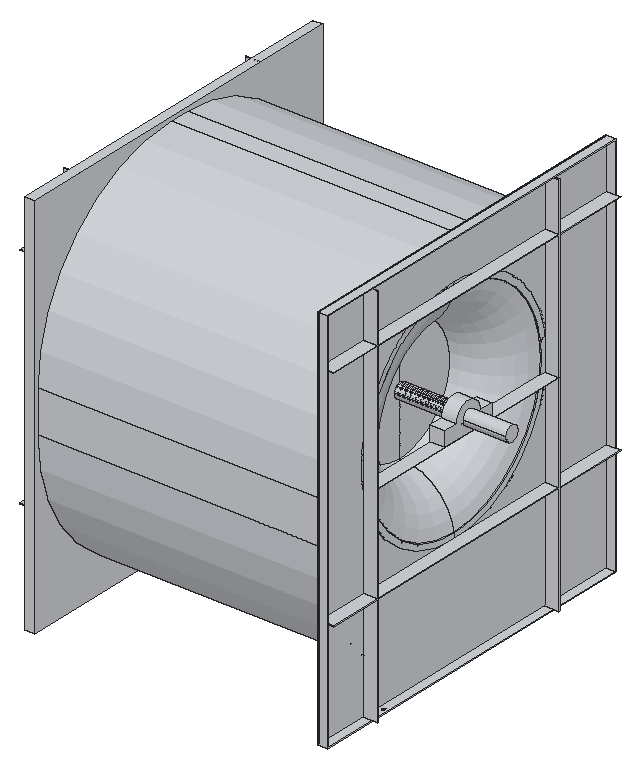
Revit family "CA-4_DWDI_ARR_3_CCW_BHD", category Mechanical Equipment, Revit 2019
Family settings
  Round Connector Dimension = Use Radius
  Part Type = Normal
  Work Plane-Based = No
  Always vertical = Yes
  Cut with Voids When Loaded = No
  Shared = No
  Room Calculation Point = No
Parameters (values of type "600_CA-4_DWDI_ARR_3_CCW_BHD_CLASS_3")
  T/2 = T / 2  # 17/32"
  T = 1 1/16"
  S = 32"
  P/2 = P / 2  # 44 7/8"
  P = 89 3/4"
  O = 44 7/8"
  N/2 = N / 2  # 2 7/32"
  N*2 = N * 2  # 8 7/8"
  N = 4 7/16"
  ModelID [instance] = ""
  M = 14 3/4"
  L = 110 3/4"
  J-.125" = J - 1/8"  # 2 7/8"
  J*1.5 = J * 1.5  # 4 1/2"
  INLET_RAD+1.5" = INLET_RAD + 1 1/2"  # 34 1/2"
  E-(INLET_RAD+1.5") = E - (INLET_RAD + 1 1/2")  # 33 7/8"
  E+(INLET_RAD+1.5") = E + (INLET_RAD + 1 1/2")  # 102 7/8"
  BHD_E = 49 3/4"
  Accessories [instance] = ""
  -M = -M  # -14 3/4"
  -J*1.5 = -J * 1.5  # -4 1/2"
  J = 3"
  Unit Weight [instance] = ""
  INLET_RAD/2 = INLET_RAD / 2  # 16 1/2"
  INLET_RAD = INLET_DIA / 2  # 33"
  INLET_DIA = 66"
  H = 3"
  G = 51 5/8"
  Sones [instance] = ""
  F/8 = F / 8  # 13 45/64"
  F/2 = F / 2  # 54 13/16"
  F = 109 5/8"
  Motor RPM [instance] = ""
  Motor Enclosure [instance] = ""
  LwA [instance] = ""
  Fan RPM [instance] = ""
  E = D - BHD_E  # 68 3/8"
  D/2 = D / 2  # 59 1/16"
  D = 118 1/8"
  B/2 = B / 2  # 43 1/8"
  B+.25" = B + 1/4"  # 86 1/2"
  B = 86 1/4"
  A+.25" = A + 1/4"  # 62 7/16"
  A = 62 3/16"
  3" = 3"  # constant formula
  Brake Hp [instance] = ""
  4" = 4"  # constant formula
  2' = 24"
  2" = 2"  # constant formula
  1" = 1"  # constant formula
  0 = 0"  # constant formula
  Voltage [instance] = 0 V
  URL = "www.lorencook.com"
  Type Comments = "Airfoil Centrifugal Blower Arrangement 3 Counter-Clockwise Bottom Horizontal Discharge"  # constant formula
  Static Pressure [instance] = 0.00 in-wg
  Power [instance] = Voltage * Motor FLA * sqrt(if(Phase = 3, 3, 1))  # 0 VA
  Phase [instance] = 0
  Number of Poles [instance] = 1
  Motor Hp [instance] = "0"
  Motor FLA [instance] = 0 A
  Model = "CA-4 DWDI CCW BHD Class 3"
  Manufacturer = "Loren Cook Company"
  CFM [instance] = 0 CFM
  1.5 = 1 1/2"  # constant formula
  ONE EIGTH = 1/8"  # constant formula
  -L+M = -L + M  # -96"
  -B = -B  # -86 1/4"
  -(B/2)-J = -(B / 2) - J  # -46 1/8"
  -B/2 = -B / 2  # -43 1/8"
  (F/2)-S = (F / 2) - S  # 22 13/16"
  (B/2)+J = (B / 2) + J  # 46 1/8"
Types (55): name | T/2 | T | S | P/2 | P | O | N/2 | N*2 | N | M | L | J-.125" | J*1.5 | INLET_RAD+1.5" | E-(INLET_RAD+1.5") | E+(INLET_RAD+1.5") | BHD_E | -M | -J*1.5 | J | INLET_RAD/2 | INLET_RAD | INLET_DIA | H | G | F/8 | F/2 | F | E | D/2 | D | B/2 | B+.25" | B | A+.25" | A | Model | -L+M | -B | -(B/2)-J | -B/2 | (F/2)-S | (B/2)+J
  (no name) | 17/32" | 1 1/16" | 32" | 44 7/8" | 89 3/4" | 44 7/8" | 2 7/32" | 8 7/8" | 4 7/16" | 14 3/4" | 110 3/4" | 2 7/8" | 4 1/2" | 34 1/2" | 33 7/8" | 102 7/8" | 49 3/4" | -14 3/4" | -4 1/2" | 3" | 16 1/2" | 33" | 66" | 3" | 51 5/8" | 13 45/64" | 54 13/16" | 109 5/8" | 68 3/8" | 59 1/16" | 118 1/8" | 43 1/8" | 86 1/2" | 86 1/4" | 62 7/16" | 62 3/16" | "CA-4 DWDI CCW BHD Class 3" | -96" | -86 1/4" | -46 1/8" | -43 1/8" | 22 13/16" | 46 1/8"
  120_CA-4_DWDI_ARR_3_CCW_BHD_CLASS_1 | 11/32" | 11/16" | 7 1/2" | 9 31/32" | 19 15/16" | 9 31/32" | 23/32" | 2 7/8" | 1 7/16" | 5 3/4" | 28 11/16" | 1 7/8" | 3" | 9 5/8" | 5 9/16" | 24 13/16" | 10 3/4" | -5 3/4" | -3" | 2" | 4 1/16" | 8 1/8" | 16 1/4" | 2" | 10 3/8" | 2 27/32" | 11 3/8" | 22 3/4" | 15 3/16" | 12 31/32" | 25 15/16" | 8 27/32" | 17 15/16" | 17 11/16" | 12 3/8" | 12 1/8" | "CA-4 DWDI CCW BHD Class 1" | -22 15/16" | -17 11/16" | -10 27/32" | -8 27/32" | 3 7/8" | 10 27/32"
  120_CA-4_DWDI_ARR_3_CCW_BHD_CLASS_2 | 11/32" | 11/16" | 7 1/2" | 9 31/32" | 19 15/16" | 9 31/32" | 27/32" | 3 3/8" | 1 11/16" | 6 1/8" | 29 7/16" | 1 7/8" | 3" | 9 5/8" | 5 9/16" | 24 13/16" | 10 3/4" | -6 1/8" | -3" | 2" | 4 1/16" | 8 1/8" | 16 1/4" | 2" | 10 3/8" | 2 27/32" | 11 3/8" | 22 3/4" | 15 3/16" | 12 31/32" | 25 15/16" | 8 27/32" | 17 15/16" | 17 11/16" | 12 3/8" | 12 1/8" | "CA-4 DWDI CCW BHD Class 2" | -23 5/16" | -17 11/16" | -10 27/32" | -8 27/32" | 3 7/8" | 10 27/32"
  120_CA-4_DWDI_ARR_3_CCW_BHD_CLASS_3 | 11/32" | 11/16" | 7 1/2" | 9 31/32" | 19 15/16" | 9 31/32" | 31/32" | 3 7/8" | 1 15/16" | 6 3/8" | 29 15/16" | 1 7/8" | 3" | 9 5/8" | 5 9/16" | 24 13/16" | 10 3/4" | -6 3/8" | -3" | 2" | 4 1/16" | 8 1/8" | 16 1/4" | 2" | 10 3/8" | 2 27/32" | 11 3/8" | 22 3/4" | 15 3/16" | 12 31/32" | 25 15/16" | 8 27/32" | 17 15/16" | 17 11/16" | 12 3/8" | 12 1/8" | "CA-4 DWDI CCW BHD Class 3" | -23 9/16" | -17 11/16" | -10 27/32" | -8 27/32" | 3 7/8" | 10 27/32"
  135_CA-4_DWDI_ARR_3_CCW_BHD_CLASS_1 | 11/32" | 11/16" | 8 1/2" | 11 3/32" | 22 3/16" | 11 3/32" | 23/32" | 2 7/8" | 1 7/16" | 5 3/4" | 30 15/16" | 1 7/8" | 3" | 10 3/8" | 6 7/16" | 27 3/16" | 12" | -5 3/4" | -3" | 2" | 4 7/16" | 8 7/8" | 17 3/4" | 2" | 11 5/8" | 3 3/16" | 12 3/4" | 25 1/2" | 16 13/16" | 14 13/32" | 28 13/16" | 9 31/32" | 20 3/16" | 19 15/16" | 13 7/8" | 13 5/8" | "CA-4 DWDI CCW BHD Class 1" | -25 3/16" | -19 15/16" | -11 31/32" | -9 31/32" | 4 1/4" | 11 31/32"
  135_CA-4_DWDI_ARR_3_CCW_BHD_CLASS_2 | 11/32" | 11/16" | 8 1/2" | 11 3/32" | 22 3/16" | 11 3/32" | 27/32" | 3 3/8" | 1 11/16" | 6 1/8" | 31 11/16" | 1 7/8" | 3" | 10 3/8" | 6 7/16" | 27 3/16" | 12" | -6 1/8" | -3" | 2" | 4 7/16" | 8 7/8" | 17 3/4" | 2" | 11 5/8" | 3 3/16" | 12 3/4" | 25 1/2" | 16 13/16" | 14 13/32" | 28 13/16" | 9 31/32" | 20 3/16" | 19 15/16" | 13 7/8" | 13 5/8" | "CA-4 DWDI CCW BHD Class 2" | -25 9/16" | -19 15/16" | -11 31/32" | -9 31/32" | 4 1/4" | 11 31/32"
  135_CA-4_DWDI_ARR_3_CCW_BHD_CLASS_3 | 11/32" | 11/16" | 8 1/2" | 11 3/32" | 22 3/16" | 11 3/32" | 1 3/32" | 4 3/8" | 2 3/16" | 6 5/8" | 32 11/16" | 1 7/8" | 3" | 10 3/8" | 6 7/16" | 27 3/16" | 12" | -6 5/8" | -3" | 2" | 4 7/16" | 8 7/8" | 17 3/4" | 2" | 11 5/8" | 3 3/16" | 12 3/4" | 25 1/2" | 16 13/16" | 14 13/32" | 28 13/16" | 9 31/32" | 20 3/16" | 19 15/16" | 13 7/8" | 13 5/8" | "CA-4 DWDI CCW BHD Class 3" | -26 1/16" | -19 15/16" | -11 31/32" | -9 31/32" | 4 1/4" | 11 31/32"
  150_CA-4_DWDI_ARR_3_CCW_BHD_CLASS_1 | 11/32" | 11/16" | 9" | 12 1/8" | 24 1/4" | 12 1/8" | 27/32" | 3 3/8" | 1 11/16" | 6 5/8" | 34 1/4" | 1 7/8" | 3" | 11 1/8" | 7 5/16" | 29 9/16" | 13 1/4" | -6 5/8" | -3" | 2" | 4 13/16" | 9 5/8" | 19 1/4" | 2" | 12 7/8" | 3 33/64" | 14 1/16" | 28 1/8" | 18 7/16" | 15 27/32" | 31 11/16" | 11" | 22 1/4" | 22" | 15 1/2" | 15 1/4" | "CA-4 DWDI CCW BHD Class 1" | -27 5/8" | -22" | -13" | -11" | 5 1/16" | 13"
  150_CA-4_DWDI_ARR_3_CCW_BHD_CLASS_2 | 11/32" | 11/16" | 9" | 12 1/8" | 24 1/4" | 12 1/8" | 31/32" | 3 7/8" | 1 15/16" | 6 7/8" | 34 3/4" | 1 7/8" | 3" | 11 1/8" | 7 5/16" | 29 9/16" | 13 1/4" | -6 7/8" | -3" | 2" | 4 13/16" | 9 5/8" | 19 1/4" | 2" | 12 7/8" | 3 33/64" | 14 1/16" | 28 1/8" | 18 7/16" | 15 27/32" | 31 11/16" | 11" | 22 1/4" | 22" | 15 1/2" | 15 1/4" | "CA-4 DWDI CCW BHD Class 2" | -27 7/8" | -22" | -13" | -11" | 5 1/16" | 13"
  150_CA-4_DWDI_ARR_3_CCW_BHD_CLASS_3 | 11/32" | 11/16" | 9" | 12 1/8" | 24 1/4" | 12 1/8" | 1 7/32" | 4 7/8" | 2 7/16" | 7 1/4" | 35 1/2" | 1 7/8" | 3" | 11 1/8" | 7 5/16" | 29 9/16" | 13 1/4" | -7 1/4" | -3" | 2" | 4 13/16" | 9 5/8" | 19 1/4" | 2" | 12 7/8" | 3 33/64" | 14 1/16" | 28 1/8" | 18 7/16" | 15 27/32" | 31 11/16" | 11" | 22 1/4" | 22" | 15 1/2" | 15 1/4" | "CA-4 DWDI CCW BHD Class 3" | -28 1/4" | -22" | -13" | -11" | 5 1/16" | 13"
  165_CA-4_DWDI_ARR_3_CCW_BHD_CLASS_1 | 11/32" | 11/16" | 10" | 13 1/8" | 26 1/4" | 13 1/8" | 27/32" | 3 3/8" | 1 11/16" | 6 5/8" | 36 1/4" | 1 7/8" | 3" | 12 1/8" | 7 15/16" | 32 3/16" | 14 3/8" | -6 5/8" | -3" | 2" | 5 5/16" | 10 5/8" | 21 1/4" | 2" | 14 1/4" | 3 55/64" | 15 7/16" | 30 7/8" | 20 1/16" | 17 7/32" | 34 7/16" | 12" | 24 1/4" | 24" | 17 3/16" | 16 15/16" | "CA-4 DWDI CCW BHD Class 1" | -29 5/8" | -24" | -14" | -12" | 5 7/16" | 14"
  165_CA-4_DWDI_ARR_3_CCW_BHD_CLASS_2 | 11/32" | 11/16" | 10" | 13 1/8" | 26 1/4" | 13 1/8" | 31/32" | 3 7/8" | 1 15/16" | 6 7/8" | 36 3/4" | 1 7/8" | 3" | 12 1/8" | 7 15/16" | 32 3/16" | 14 3/8" | -6 7/8" | -3" | 2" | 5 5/16" | 10 5/8" | 21 1/4" | 2" | 14 1/4" | 3 55/64" | 15 7/16" | 30 7/8" | 20 1/16" | 17 7/32" | 34 7/16" | 12" | 24 1/4" | 24" | 17 3/16" | 16 15/16" | "CA-4 DWDI CCW BHD Class 2" | -29 7/8" | -24" | -14" | -12" | 5 7/16" | 14"
  165_CA-4_DWDI_ARR_3_CCW_BHD_CLASS_3 | 11/32" | 11/16" | 10" | 13 1/8" | 26 1/4" | 13 1/8" | 1 7/32" | 4 7/8" | 2 7/16" | 7 3/16" | 37 1/2" | 1 7/8" | 3" | 12 1/8" | 7 15/16" | 32 3/16" | 14 3/8" | -7 3/16" | -3" | 2" | 5 5/16" | 10 5/8" | 21 1/4" | 2" | 14 1/4" | 3 55/64" | 15 7/16" | 30 7/8" | 20 1/16" | 17 7/32" | 34 7/16" | 12" | 24 1/4" | 24" | 17 3/16" | 16 15/16" | "CA-4 DWDI CCW BHD Class 3" | -30 5/16" | -24" | -14" | -12" | 5 7/16" | 14"
  180_CA-4_DWDI_ARR_3_CCW_BHD_CLASS_1 | 11/32" | 11/16" | 11" | 14 5/32" | 28 5/16" | 14 5/32" | 27/32" | 3 3/8" | 1 11/16" | 7 1/8" | 38 13/16" | 1 7/8" | 3" | 12 7/8" | 8 13/16" | 34 9/16" | 15 5/8" | -7 1/8" | -3" | 2" | 5 11/16" | 11 3/8" | 22 3/4" | 2" | 15 1/2" | 4 13/64" | 16 13/16" | 33 5/8" | 21 11/16" | 18 21/32" | 37 5/16" | 13 1/32" | 26 5/16" | 26 1/16" | 18 3/4" | 18 1/2" | "CA-4 DWDI CCW BHD Class 1" | -31 11/16" | -26 1/16" | -15 1/32" | -13 1/32" | 5 13/16" | 15 1/32"
  180_CA-4_DWDI_ARR_3_CCW_BHD_CLASS_2 | 11/32" | 11/16" | 11" | 14 5/32" | 28 5/16" | 14 5/32" | 31/32" | 3 7/8" | 1 15/16" | 7 3/8" | 39 5/16" | 1 7/8" | 3" | 12 7/8" | 8 13/16" | 34 9/16" | 15 5/8" | -7 3/8" | -3" | 2" | 5 11/16" | 11 3/8" | 22 3/4" | 2" | 15 1/2" | 4 13/64" | 16 13/16" | 33 5/8" | 21 11/16" | 18 21/32" | 37 5/16" | 13 1/32" | 26 5/16" | 26 1/16" | 18 3/4" | 18 1/2" | "CA-4 DWDI CCW BHD Class 2" | -31 15/16" | -26 1/16" | -15 1/32" | -13 1/32" | 5 13/16" | 15 1/32"
  180_CA-4_DWDI_ARR_3_CCW_BHD_CLASS_3 | 11/32" | 11/16" | 11" | 14 5/32" | 28 5/16" | 14 5/32" | 1 7/32" | 4 7/8" | 2 7/16" | 7 3/4" | 40 1/16" | 1 7/8" | 3" | 12 7/8" | 8 13/16" | 34 9/16" | 15 5/8" | -7 3/4" | -3" | 2" | 5 11/16" | 11 3/8" | 22 3/4" | 2" | 15 1/2" | 4 13/64" | 16 13/16" | 33 5/8" | 21 11/16" | 18 21/32" | 37 5/16" | 13 1/32" | 26 5/16" | 26 1/16" | 18 3/4" | 18 1/2" | "CA-4 DWDI CCW BHD Class 3" | -32 5/16" | -26 1/16" | -15 1/32" | -13 1/32" | 5 13/16" | 15 1/32"
  195_CA-4_DWDI_ARR_3_CCW_BHD_CLASS_1 | 11/32" | 11/16" | 11 1/2" | 15 11/32" | 30 11/16" | 15 11/32" | 31/32" | 3 7/8" | 1 15/16" | 7 1/4" | 41 11/16" | 1 7/8" | 3" | 13 5/8" | 9 11/16" | 36 15/16" | 16 3/4" | -7 1/4" | -3" | 2" | 6 1/16" | 12 1/8" | 24 1/4" | 2" | 16 3/4" | 4 17/32" | 18 1/8" | 36 1/4" | 23 5/16" | 20 1/32" | 40 1/16" | 14 7/32" | 28 11/16" | 28 7/16" | 19 3/4" | 19 1/2" | "CA-4 DWDI CCW BHD Class 1" | -34 7/16" | -28 7/16" | -16 7/32" | -14 7/32" | 6 5/8" | 16 7/32"
  195_CA-4_DWDI_ARR_3_CCW_BHD_CLASS_2 | 11/32" | 11/16" | 11 1/2" | 15 11/32" | 30 11/16" | 15 11/32" | 1 3/32" | 4 3/8" | 2 3/16" | 7 5/8" | 42 3/16" | 1 7/8" | 3" | 13 5/8" | 9 11/16" | 36 15/16" | 16 3/4" | -7 5/8" | -3" | 2" | 6 1/16" | 12 1/8" | 24 1/4" | 2" | 16 3/4" | 4 17/32" | 18 1/8" | 36 1/4" | 23 5/16" | 20 1/32" | 40 1/16" | 14 7/32" | 28 11/16" | 28 7/16" | 19 3/4" | 19 1/2" | "CA-4 DWDI CCW BHD Class 2" | -34 9/16" | -28 7/16" | -16 7/32" | -14 7/32" | 6 5/8" | 16 7/32"
  195_CA-4_DWDI_ARR_3_CCW_BHD_CLASS_3 | 11/32" | 11/16" | 11 1/2" | 15 11/32" | 30 11/16" | 15 11/32" | 1 11/32" | 5 3/8" | 2 11/16" | 8" | 42 15/16" | 1 7/8" | 3" | 13 5/8" | 9 11/16" | 36 15/16" | 16 3/4" | -8" | -3" | 2" | 6 1/16" | 12 1/8" | 24 1/4" | 2" | 16 3/4" | 4 17/32" | 18 1/8" | 36 1/4" | 23 5/16" | 20 1/32" | 40 1/16" | 14 7/32" | 28 11/16" | 28 7/16" | 19 3/4" | 19 1/2" | "CA-4 DWDI CCW BHD Class 3" | -34 15/16" | -28 7/16" | -16 7/32" | -14 7/32" | 6 5/8" | 16 7/32"
  210_CA-4_DWDI_ARR_3_CCW_BHD_CLASS_1 | 15/32" | 15/16" | 12" | 16 5/16" | 32 5/8" | 6 5/16" | 31/32" | 3 7/8" | 1 15/16" | 7 7/8" | 44 1/8" | 1 7/8" | 3" | 14 1/2" | 10 7/16" | 39 7/16" | 18" | -7 7/8" | -3" | 2" | 6 1/2" | 13" | 26" | 2" | 18 1/8" | 4 57/64" | 19 9/16" | 39 1/8" | 24 15/16" | 21 15/32" | 42 15/16" | 15 3/16" | 30 5/8" | 30 3/8" | 21 7/8" | 21 5/8" | "CA-4 DWDI CCW BHD Class 1" | -36 1/4" | -30 3/8" | -17 3/16" | -15 3/16" | 7 9/16" | 17 3/16"
  210_CA-4_DWDI_ARR_3_CCW_BHD_CLASS_2 | 15/32" | 15/16" | 12" | 16 5/16" | 32 5/8" | 6 5/16" | 1 3/32" | 4 3/8" | 2 3/16" | 8 1/8" | 44 5/8" | 1 7/8" | 3" | 14 1/2" | 10 7/16" | 39 7/16" | 18" | -8 1/8" | -3" | 2" | 6 1/2" | 13" | 26" | 2" | 18 1/8" | 4 57/64" | 19 9/16" | 39 1/8" | 24 15/16" | 21 15/32" | 42 15/16" | 15 3/16" | 30 5/8" | 30 3/8" | 21 7/8" | 21 5/8" | "CA-4 DWDI CCW BHD Class 2" | -36 1/2" | -30 3/8" | -17 3/16" | -15 3/16" | 7 9/16" | 17 3/16"
  210_CA-4_DWDI_ARR_3_CCW_BHD_CLASS_3 | 15/32" | 15/16" | 12" | 16 5/16" | 32 5/8" | 6 5/16" | 1 11/32" | 5 3/8" | 2 11/16" | 8 1/2" | 45 3/8" | 1 7/8" | 3" | 14 1/2" | 10 7/16" | 39 7/16" | 18" | -8 1/2" | -3" | 2" | 6 1/2" | 13" | 26" | 2" | 18 1/8" | 4 57/64" | 19 9/16" | 39 1/8" | 24 15/16" | 21 15/32" | 42 15/16" | 15 3/16" | 30 5/8" | 30 3/8" | 21 7/8" | 21 5/8" | "CA-4 DWDI CCW BHD Class 3" | -36 7/8" | -30 3/8" | -17 3/16" | -15 3/16" | 7 9/16" | 17 3/16"
  225_CA-4_DWDI_ARR_3_CCW_BHD_CLASS_1 | 15/32" | 15/16" | 12 1/2" | 17 3/8" | 34 3/4" | 17 3/8" | 31/32" | 3 7/8" | 1 15/16" | 7 7/8" | 46 1/4" | 1 7/8" | 3" | 15 1/4" | 11 5/16" | 41 13/16" | 19 1/4" | -7 7/8" | -3" | 2" | 6 7/8" | 13 3/4" | 27 1/2" | 2" | 19 3/8" | 5 7/32" | 20 7/8" | 41 3/4" | 26 9/16" | 22 29/32" | 45 13/16" | 16 1/4" | 32 3/4" | 32 1/2" | 23 7/16" | 23 3/16" | "CA-4 DWDI CCW BHD Class 1" | -38 3/8" | -32 1/2" | -18 1/4" | -16 1/4" | 8 3/8" | 18 1/4"
  225_CA-4_DWDI_ARR_3_CCW_BHD_CLASS_2 | 15/32" | 15/16" | 12 1/2" | 17 3/8" | 34 3/4" | 17 3/8" | 1 7/32" | 4 7/8" | 2 7/16" | 8 1/4" | 47" | 1 7/8" | 3" | 15 1/4" | 11 5/16" | 41 13/16" | 19 1/4" | -8 1/4" | -3" | 2" | 6 7/8" | 13 3/4" | 27 1/2" | 2" | 19 3/8" | 5 7/32" | 20 7/8" | 41 3/4" | 26 9/16" | 22 29/32" | 45 13/16" | 16 1/4" | 32 3/4" | 32 1/2" | 23 7/16" | 23 3/16" | "CA-4 DWDI CCW BHD Class 2" | -38 3/4" | -32 1/2" | -18 1/4" | -16 1/4" | 8 3/8" | 18 1/4"
  225_CA-4_DWDI_ARR_3_CCW_BHD_CLASS_3 | 15/32" | 15/16" | 12 1/2" | 17 3/8" | 34 3/4" | 17 3/8" | 1 15/32" | 5 7/8" | 2 15/16" | 8 1/2" | 47 1/2" | 1 7/8" | 3" | 15 1/4" | 11 5/16" | 41 13/16" | 19 1/4" | -8 1/2" | -3" | 2" | 6 7/8" | 13 3/4" | 27 1/2" | 2" | 19 3/8" | 5 7/32" | 20 7/8" | 41 3/4" | 26 9/16" | 22 29/32" | 45 13/16" | 16 1/4" | 32 3/4" | 32 1/2" | 23 7/16" | 23 3/16" | "CA-4 DWDI CCW BHD Class 3" | -39" | -32 1/2" | -18 1/4" | -16 1/4" | 8 3/8" | 18 1/4"
  245_CA-4_DWDI_ARR_3_CCW_BHD_CLASS_1 | 15/32" | 15/16" | 12 1/2" | 18 21/32" | 37 5/16" | 18 21/32" | 1 3/32" | 4 3/8" | 2 3/16" | 8 5/8" | 49 13/16" | 1 7/8" | 3" | 16 1/4" | 12 1/2" | 45" | 20 7/8" | -8 5/8" | -3" | 2" | 7 3/8" | 14 3/4" | 29 1/2" | 2" | 21 1/8" | 5 43/64" | 22 11/16" | 45 3/8" | 28 3/4" | 24 13/16" | 49 5/8" | 17 17/32" | 35 5/16" | 35 1/16" | 25 3/4" | 25 1/2" | "CA-4 DWDI CCW BHD Class 1" | -41 3/16" | -35 1/16" | -19 17/32" | -17 17/32" | 10 3/16" | 19 17/32"
  245_CA-4_DWDI_ARR_3_CCW_BHD_CLASS_2 | 15/32" | 15/16" | 12 1/2" | 18 21/32" | 37 5/16" | 18 21/32" | 1 7/32" | 4 7/8" | 2 7/16" | 8 3/4" | 50 1/16" | 1 7/8" | 3" | 16 1/4" | 12 1/2" | 45" | 20 7/8" | -8 3/4" | -3" | 2" | 7 3/8" | 14 3/4" | 29 1/2" | 2" | 21 1/8" | 5 43/64" | 22 11/16" | 45 3/8" | 28 3/4" | 24 13/16" | 49 5/8" | 17 17/32" | 35 5/16" | 35 1/16" | 25 3/4" | 25 1/2" | "CA-4 DWDI CCW BHD Class 2" | -41 5/16" | -35 1/16" | -19 17/32" | -17 17/32" | 10 3/16" | 19 17/32"
  245_CA-4_DWDI_ARR_3_CCW_BHD_CLASS_3 | 15/32" | 15/16" | 12 1/2" | 18 21/32" | 37 5/16" | 18 21/32" | 1 3/32" | 4 3/8" | 2 3/16" | 8 3/4" | 50 11/16" | 1 7/8" | 3" | 16 1/4" | 12 1/2" | 45" | 20 7/8" | -8 3/4" | -3" | 2" | 7 3/8" | 14 3/4" | 29 1/2" | 2" | 21 1/8" | 5 43/64" | 22 11/16" | 45 3/8" | 28 3/4" | 24 13/16" | 49 5/8" | 17 17/32" | 35 5/16" | 35 1/16" | 25 3/4" | 25 1/2" | "CA-4 DWDI CCW BHD Class 3" | -41 15/16" | -35 1/16" | -19 17/32" | -17 17/32" | 10 3/16" | 19 17/32"
  270_CA-4_DWDI_ARR_3_CCW_BHD_CLASS_1 | 15/32" | 15/16" | 15" | 20 27/32" | 41 11/16" | 20 27/32" | 1 3/32" | 4 3/8" | 2 3/16" | 8 5/8" | 54 3/16" | 1 7/8" | 3" | 17 1/2" | 14" | 49" | 23 3/8" | -8 5/8" | -3" | 2" | 8" | 16" | 32" | 2" | 23 1/4" | 6 15/64" | 24 15/16" | 49 7/8" | 31 1/2" | 27 7/16" | 54 7/8" | 19 23/32" | 39 11/16" | 39 7/16" | 27 3/4" | 27 1/2" | "CA-4 DWDI CCW BHD Class 1" | -45 9/16" | -39 7/16" | -21 23/32" | -19 23/32" | 9 15/16" | 21 23/32"
  270_CA-4_DWDI_ARR_3_CCW_BHD_CLASS_2 | 15/32" | 15/16" | 15" | 20 27/32" | 41 11/16" | 20 27/32" | 1 11/32" | 5 3/8" | 2 11/16" | 9" | 54 15/16" | 1 7/8" | 3" | 17 1/2" | 14" | 49" | 23 3/8" | -9" | -3" | 2" | 8" | 16" | 32" | 2" | 23 1/4" | 6 15/64" | 24 15/16" | 49 7/8" | 31 1/2" | 27 7/16" | 54 7/8" | 19 23/32" | 39 11/16" | 39 7/16" | 27 3/4" | 27 1/2" | "CA-4 DWDI CCW BHD Class 2" | -45 15/16" | -39 7/16" | -21 23/32" | -19 23/32" | 9 15/16" | 21 23/32"
  270_CA-4_DWDI_ARR_3_CCW_BHD_CLASS_3 | 15/32" | 15/16" | 15" | 20 27/32" | 41 11/16" | 20 27/32" | 1 3/32" | 4 3/8" | 2 3/16" | 8 3/4" | 55 1/16" | 1 7/8" | 3" | 17 1/2" | 14" | 49" | 23 3/8" | -8 3/4" | -3" | 2" | 8" | 16" | 32" | 2" | 23 1/4" | 6 15/64" | 24 15/16" | 49 7/8" | 31 1/2" | 27 7/16" | 54 7/8" | 19 23/32" | 39 11/16" | 39 7/16" | 27 3/4" | 27 1/2" | "CA-4 DWDI CCW BHD Class 3" | -46 5/16" | -39 7/16" | -21 23/32" | -19 23/32" | 9 15/16" | 21 23/32"
  300_CA-4_DWDI_ARR_3_CCW_BHD_CLASS_1 | 15/32" | 15/16" | 16 1/2" | 22 5/8" | 45 1/4" | 22 5/8" | 1 7/32" | 4 7/8" | 2 7/16" | 9 1/4" | 58 1/2" | 1 7/8" | 3" | 19" | 15 3/4" | 53 3/4" | 25 3/8" | -9 1/4" | -3" | 2" | 8 3/4" | 17 1/2" | 35" | 2" | 25 7/8" | 6 59/64" | 27 11/16" | 55 3/8" | 34 3/4" | 30 1/16" | 60 1/8" | 21 1/2" | 43 1/4" | 43" | 31 7/16" | 31 3/16" | "CA-4 DWDI CCW BHD Class 1" | -49 1/4" | -43" | -23 1/2" | -21 1/2" | 11 3/16" | 23 1/2"
  300_CA-4_DWDI_ARR_3_CCW_BHD_CLASS_2 | 15/32" | 15/16" | 16 1/2" | 22 5/8" | 45 1/4" | 22 5/8" | 1 11/32" | 5 3/8" | 2 11/16" | 9 1/2" | 59" | 1 7/8" | 3" | 19" | 15 3/4" | 53 3/4" | 25 3/8" | -9 1/2" | -3" | 2" | 8 3/4" | 17 1/2" | 35" | 2" | 25 7/8" | 6 59/64" | 27 11/16" | 55 3/8" | 34 3/4" | 30 1/16" | 60 1/8" | 21 1/2" | 43 1/4" | 43" | 31 7/16" | 31 3/16" | "CA-4 DWDI CCW BHD Class 2" | -49 1/2" | -43" | -23 1/2" | -21 1/2" | 11 3/16" | 23 1/2"
  300_CA-4_DWDI_ARR_3_CCW_BHD_CLASS_3 | 15/32" | 15/16" | 16 1/2" | 22 5/8" | 45 1/4" | 22 5/8" | 1 7/32" | 4 7/8" | 2 7/16" | 9 1/2" | 59 3/8" | 1 7/8" | 3" | 19" | 15 3/4" | 53 3/4" | 25 3/8" | -9 1/2" | -3" | 2" | 8 3/4" | 17 1/2" | 35" | 2" | 25 7/8" | 6 59/64" | 27 11/16" | 55 3/8" | 34 3/4" | 30 1/16" | 60 1/8" | 21 1/2" | 43 1/4" | 43" | 31 7/16" | 31 3/16" | "CA-4 DWDI CCW BHD Class 3" | -49 7/8" | -43" | -23 1/2" | -21 1/2" | 11 3/16" | 23 1/2"
  330_CA-4_DWDI_ARR_3_CCW_BHD_CLASS_1 | 15/32" | 15/16" | 18" | 24 21/32" | 49 5/16" | 24 21/32" | 1 11/32" | 5 3/8" | 2 11/16" | 10 1/16" | 63 9/16" | 1 7/8" | 3" | 20 1/2" | 17 9/16" | 58 9/16" | 27 7/8" | -10 1/16" | -3" | 2" | 9 1/2" | 19" | 38" | 2" | 28 3/8" | 7 19/32" | 30 3/8" | 60 3/4" | 38 1/16" | 32 31/32" | 65 15/16" | 23 17/32" | 47 5/16" | 47 1/16" | 34 3/4" | 34 1/2" | "CA-4 DWDI CCW BHD Class 1" | -53 1/2" | -47 1/16" | -25 17/32" | -23 17/32" | 12 3/8" | 25 17/32"
  330_CA-4_DWDI_ARR_3_CCW_BHD_CLASS_2 | 15/32" | 15/16" | 18" | 24 21/32" | 49 5/16" | 24 21/32" | 1 3/32" | 4 3/8" | 2 3/16" | 9 5/8" | 63 11/16" | 1 7/8" | 3" | 20 1/2" | 17 9/16" | 58 9/16" | 27 7/8" | -9 5/8" | -3" | 2" | 9 1/2" | 19" | 38" | 2" | 28 3/8" | 7 19/32" | 30 3/8" | 60 3/4" | 38 1/16" | 32 31/32" | 65 15/16" | 23 17/32" | 47 5/16" | 47 1/16" | 34 3/4" | 34 1/2" | "CA-4 DWDI CCW BHD Class 2" | -54 1/16" | -47 1/16" | -25 17/32" | -23 17/32" | 12 3/8" | 25 17/32"
  330_CA-4_DWDI_ARR_3_CCW_BHD_CLASS_3 | 15/32" | 15/16" | 18" | 24 21/32" | 49 5/16" | 24 21/32" | 1 7/32" | 4 7/8" | 2 7/16" | 10" | 63 15/16" | 1 7/8" | 3" | 20 1/2" | 17 9/16" | 58 9/16" | 27 7/8" | -10" | -3" | 2" | 9 1/2" | 19" | 38" | 2" | 28 3/8" | 7 19/32" | 30 3/8" | 60 3/4" | 38 1/16" | 32 31/32" | 65 15/16" | 23 17/32" | 47 5/16" | 47 1/16" | 34 3/4" | 34 1/2" | "CA-4 DWDI CCW BHD Class 3" | -53 15/16" | -47 1/16" | -25 17/32" | -23 17/32" | 12 3/8" | 25 17/32"
  365_CA-4_DWDI_ARR_3_CCW_BHD_CLASS_1 | 15/32" | 15/16" | 20" | 27 7/32" | 54 7/16" | 27 7/32" | 1 3/32" | 4 3/8" | 2 3/16" | 10 5/16" | 69 5/16" | 1 7/8" | 3" | 22 1/4" | 19 5/8" | 64 1/8" | 30 5/8" | -10 5/16" | -3" | 2" | 10 3/8" | 20 3/4" | 41 1/2" | 2" | 31 3/8" | 8 3/8" | 33 1/2" | 67" | 41 7/8" | 36 1/4" | 72 1/2" | 26 3/32" | 52 7/16" | 52 3/16" | 38 15/16" | 38 11/16" | "CA-4 DWDI CCW BHD Class 1" | -59" | -52 3/16" | -28 3/32" | -26 3/32" | 13 1/2" | 28 3/32"
  365_CA-4_DWDI_ARR_3_CCW_BHD_CLASS_2 | 15/32" | 15/16" | 20" | 27 7/32" | 54 7/16" | 27 7/32" | 1 7/32" | 4 7/8" | 2 7/16" | 10 1/2" | 69 9/16" | 1 7/8" | 3" | 22 1/4" | 19 5/8" | 64 1/8" | 30 5/8" | -10 1/2" | -3" | 2" | 10 3/8" | 20 3/4" | 41 1/2" | 2" | 31 3/8" | 8 3/8" | 33 1/2" | 67" | 41 7/8" | 36 1/4" | 72 1/2" | 26 3/32" | 52 7/16" | 52 3/16" | 38 15/16" | 38 11/16" | "CA-4 DWDI CCW BHD Class 2" | -59 1/16" | -52 3/16" | -28 3/32" | -26 3/32" | 13 1/2" | 28 3/32"
  365_CA-4_DWDI_ARR_3_CCW_BHD_CLASS_3 | 15/32" | 15/16" | 20" | 27 7/32" | 54 7/16" | 27 7/32" | 1 11/32" | 5 3/8" | 2 11/16" | 10 1/2" | 70 1/16" | 1 7/8" | 3" | 22 1/4" | 19 5/8" | 64 1/8" | 30 5/8" | -10 1/2" | -3" | 2" | 10 3/8" | 20 3/4" | 41 1/2" | 2" | 31 3/8" | 8 3/8" | 33 1/2" | 67" | 41 7/8" | 36 1/4" | 72 1/2" | 26 3/32" | 52 7/16" | 52 3/16" | 38 15/16" | 38 11/16" | "CA-4 DWDI CCW BHD Class 3" | -59 9/16" | -52 3/16" | -28 3/32" | -26 3/32" | 13 1/2" | 28 3/32"
  402_CA-4_DWDI_ARR_3_CCW_BHD_CLASS_1 | 17/32" | 1 1/16" | 22" | 30 21/32" | 61 5/16" | 30 21/32" | 1 7/32" | 4 7/8" | 2 7/16" | 10" | 75 11/16" | 2 7/8" | 4 1/2" | 24 1/8" | 22 13/16" | 71 1/16" | 33 5/8" | -10" | -4 1/2" | 3" | 11 5/16" | 22 5/8" | 45 1/4" | 3" | 34 5/8" | 9 15/64" | 36 15/16" | 73 7/8" | 46 15/16" | 40 9/32" | 80 9/16" | 28 29/32" | 58 1/16" | 57 13/16" | 42" | 41 3/4" | "CA-4 DWDI CCW BHD Class 1" | -65 11/16" | -57 13/16" | -31 29/32" | -28 29/32" | 14 15/16" | 31 29/32"
  402_CA-4_DWDI_ARR_3_CCW_BHD_CLASS_2 | 17/32" | 1 1/16" | 22" | 30 21/32" | 61 5/16" | 30 21/32" | 1 7/32" | 4 7/8" | 2 7/16" | 10" | 75 11/16" | 2 7/8" | 4 1/2" | 24 1/8" | 22 13/16" | 71 1/16" | 33 5/8" | -10" | -4 1/2" | 3" | 11 5/16" | 22 5/8" | 45 1/4" | 3" | 34 5/8" | 9 15/64" | 36 15/16" | 73 7/8" | 46 15/16" | 40 9/32" | 80 9/16" | 28 29/32" | 58 1/16" | 57 13/16" | 42" | 41 3/4" | "CA-4 DWDI CCW BHD Class 2" | -65 11/16" | -57 13/16" | -31 29/32" | -28 29/32" | 14 15/16" | 31 29/32"
  402_CA-4_DWDI_ARR_3_CCW_BHD_CLASS_3 | 17/32" | 1 1/16" | 22" | 30 21/32" | 61 5/16" | 30 21/32" | 1 11/32" | 5 3/8" | 2 11/16" | 10 1/2" | 76 3/16" | 2 7/8" | 4 1/2" | 24 1/8" | 22 13/16" | 71 1/16" | 33 5/8" | -10 1/2" | -4 1/2" | 3" | 11 5/16" | 22 5/8" | 45 1/4" | 3" | 34 5/8" | 9 15/64" | 36 15/16" | 73 7/8" | 46 15/16" | 40 9/32" | 80 9/16" | 28 29/32" | 58 1/16" | 57 13/16" | 42" | 41 3/4" | "CA-4 DWDI CCW BHD Class 3" | -65 11/16" | -57 13/16" | -31 29/32" | -28 29/32" | 14 15/16" | 31 29/32"
  445_CA-4_DWDI_ARR_3_CCW_BHD_CLASS_1 | 17/32" | 1 1/16" | 24" | 33 7/8" | 67 3/4" | 33 7/8" | 1 7/32" | 4 7/8" | 2 7/16" | 10 5/8" | 82 5/8" | 2 7/8" | 4 1/2" | 26 1/4" | 25 5/16" | 77 13/16" | 37 1/8" | -10 5/8" | -4 1/2" | 3" | 12 3/8" | 24 3/4" | 49 1/2" | 3" | 38 1/4" | 10 3/16" | 40 3/4" | 81 1/2" | 51 9/16" | 44 11/32" | 88 11/16" | 32 1/8" | 64 1/2" | 64 1/4" | 46 3/16" | 45 15/16" | "CA-4 DWDI CCW BHD Class 1" | -72" | -64 1/4" | -35 1/8" | -32 1/8" | 16 3/4" | 35 1/8"
  445_CA-4_DWDI_ARR_3_CCW_BHD_CLASS_2 | 17/32" | 1 1/16" | 24" | 33 7/8" | 67 3/4" | 33 7/8" | 1 11/32" | 5 3/8" | 2 11/16" | 11" | 83 1/2" | 2 7/8" | 4 1/2" | 26 1/4" | 25 5/16" | 77 13/16" | 37 1/8" | -11" | -4 1/2" | 3" | 12 3/8" | 24 3/4" | 49 1/2" | 3" | 38 1/4" | 10 3/16" | 40 3/4" | 81 1/2" | 51 9/16" | 44 11/32" | 88 11/16" | 32 1/8" | 64 1/2" | 64 1/4" | 46 3/16" | 45 15/16" | "CA-4 DWDI CCW BHD Class 2" | -72 1/2" | -64 1/4" | -35 1/8" | -32 1/8" | 16 3/4" | 35 1/8"
  445_CA-4_DWDI_ARR_3_CCW_BHD_CLASS_3 | 17/32" | 1 1/16" | 24" | 33 7/8" | 67 3/4" | 33 7/8" | 1 15/32" | 5 7/8" | 2 15/16" | 11" | 83 1/2" | 2 7/8" | 4 1/2" | 26 1/4" | 25 5/16" | 77 13/16" | 37 1/8" | -11" | -4 1/2" | 3" | 12 3/8" | 24 3/4" | 49 1/2" | 3" | 38 1/4" | 10 3/16" | 40 3/4" | 81 1/2" | 51 9/16" | 44 11/32" | 88 11/16" | 32 1/8" | 64 1/2" | 64 1/4" | 46 3/16" | 45 15/16" | "CA-4 DWDI CCW BHD Class 3" | -72 1/2" | -64 1/4" | -35 1/8" | -32 1/8" | 16 3/4" | 35 1/8"
  490_CA-4_DWDI_ARR_3_CCW_BHD_CLASS_1 | 17/32" | 1 1/16" | 26 1/2" | 36 13/16" | 73 5/8" | 36 13/16" | 1 15/32" | 5 7/8" | 2 15/16" | 11 1/2" | 89 1/2" | 2 7/8" | 4 1/2" | 29" | 27 7/16" | 85 7/16" | 40 3/4" | -11 1/2" | -4 1/2" | 3" | 13 3/4" | 27 1/2" | 55" | 3" | 42 1/4" | 11 7/32" | 44 7/8" | 89 3/4" | 56 7/16" | 48 19/32" | 97 3/16" | 35 1/16" | 70 3/8" | 70 1/8" | 51 1/4" | 51" | "CA-4 DWDI CCW BHD Class 1" | -78" | -70 1/8" | -38 1/16" | -35 1/16" | 18 3/8" | 38 1/16"
  490_CA-4_DWDI_ARR_3_CCW_BHD_CLASS_2 | 17/32" | 1 1/16" | 26 1/2" | 36 13/16" | 73 5/8" | 36 13/16" | 1 23/32" | 6 7/8" | 3 7/16" | 12" | 90 3/8" | 2 7/8" | 4 1/2" | 29" | 27 7/16" | 85 7/16" | 40 3/4" | -12" | -4 1/2" | 3" | 13 3/4" | 27 1/2" | 55" | 3" | 42 1/4" | 11 7/32" | 44 7/8" | 89 3/4" | 56 7/16" | 48 19/32" | 97 3/16" | 35 1/16" | 70 3/8" | 70 1/8" | 51 1/4" | 51" | "CA-4 DWDI CCW BHD Class 2" | -78 3/8" | -70 1/8" | -38 1/16" | -35 1/16" | 18 3/8" | 38 1/16"
  490_CA-4_DWDI_ARR_3_CCW_BHD_CLASS_3 | 17/32" | 1 1/16" | 26 1/2" | 36 13/16" | 73 5/8" | 36 13/16" | 1 23/32" | 6 7/8" | 3 7/16" | 12" | 90 5/8" | 2 7/8" | 4 1/2" | 29" | 27 7/16" | 85 7/16" | 40 3/4" | -12" | -4 1/2" | 3" | 13 3/4" | 27 1/2" | 55" | 3" | 42 1/4" | 11 7/32" | 44 7/8" | 89 3/4" | 56 7/16" | 48 19/32" | 97 3/16" | 35 1/16" | 70 3/8" | 70 1/8" | 51 1/4" | 51" | "CA-4 DWDI CCW BHD Class 3" | -78 5/8" | -70 1/8" | -38 1/16" | -35 1/16" | 18 3/8" | 38 1/16"
  540_CA-4_DWDI_ARR_3_CCW_BHD_CLASS_1 | 17/32" | 1 1/16" | 29" | 40 23/32" | 81 7/16" | 40 23/32" | 1 23/32" | 6 7/8" | 3 7/16" | 12 7/16" | 98 5/16" | 2 7/8" | 4 1/2" | 31 1/2" | 30 3/8" | 93 3/8" | 44 7/8" | -12 7/16" | -4 1/2" | 3" | 15" | 30" | 60" | 3" | 46 1/2" | 12 11/32" | 49 3/8" | 98 3/4" | 61 7/8" | 53 3/8" | 106 3/4" | 38 31/32" | 78 3/16" | 77 15/16" | 56" | 55 3/4" | "CA-4 DWDI CCW BHD Class 1" | -85 7/8" | -77 15/16" | -41 31/32" | -38 31/32" | 20 3/8" | 41 31/32"
  540_CA-4_DWDI_ARR_3_CCW_BHD_CLASS_2 | 17/32" | 1 1/16" | 29" | 40 23/32" | 81 7/16" | 40 23/32" | 1 31/32" | 7 7/8" | 3 15/16" | 13 3/4" | 98 5/16" | 2 7/8" | 4 1/2" | 31 1/2" | 30 3/8" | 93 3/8" | 44 7/8" | -13 3/4" | -4 1/2" | 3" | 15" | 30" | 60" | 3" | 46 1/2" | 12 11/32" | 49 3/8" | 98 3/4" | 61 7/8" | 53 3/8" | 106 3/4" | 38 31/32" | 78 3/16" | 77 15/16" | 56" | 55 3/4" | "CA-4 DWDI CCW BHD Class 2" | -84 9/16" | -77 15/16" | -41 31/32" | -38 31/32" | 20 3/8" | 41 31/32"
  540_CA-4_DWDI_ARR_3_CCW_BHD_CLASS_3 | 17/32" | 1 1/16" | 29" | 40 23/32" | 81 7/16" | 40 23/32" | 1 31/32" | 7 7/8" | 3 15/16" | 14 3/16" | 100 3/16" | 2 7/8" | 4 1/2" | 31 1/2" | 30 3/8" | 93 3/8" | 44 7/8" | -14 3/16" | -4 1/2" | 3" | 15" | 30" | 60" | 3" | 46 1/2" | 12 11/32" | 49 3/8" | 98 3/4" | 61 7/8" | 53 3/8" | 106 3/4" | 38 31/32" | 78 3/16" | 77 15/16" | 56" | 55 3/4" | "CA-4 DWDI CCW BHD Class 3" | -86" | -77 15/16" | -41 31/32" | -38 31/32" | 20 3/8" | 41 31/32"
  600_CA-4_DWDI_ARR_3_CCW_BHD_CLASS_1 | 17/32" | 1 1/16" | 32" | 44 7/8" | 89 3/4" | 44 7/8" | 1 23/32" | 6 7/8" | 3 7/16" | 13" | 107 1/2" | 2 7/8" | 4 1/2" | 34 1/2" | 33 7/8" | 102 7/8" | 49 3/4" | -13" | -4 1/2" | 3" | 16 1/2" | 33" | 66" | 3" | 51 5/8" | 13 45/64" | 54 13/16" | 109 5/8" | 68 3/8" | 59 1/16" | 118 1/8" | 43 1/8" | 86 1/2" | 86 1/4" | 62 7/16" | 62 3/16" | "CA-4 DWDI CCW BHD Class 1" | -94 1/2" | -86 1/4" | -46 1/8" | -43 1/8" | 22 13/16" | 46 1/8"
  600_CA-4_DWDI_ARR_3_CCW_BHD_CLASS_2 | 17/32" | 1 1/16" | 32" | 44 7/8" | 89 3/4" | 44 7/8" | 1 31/32" | 7 7/8" | 3 15/16" | 14 1/4" | 108 3/4" | 2 7/8" | 4 1/2" | 34 1/2" | 33 7/8" | 102 7/8" | 49 3/4" | -14 1/4" | -4 1/2" | 3" | 16 1/2" | 33" | 66" | 3" | 51 5/8" | 13 45/64" | 54 13/16" | 109 5/8" | 68 3/8" | 59 1/16" | 118 1/8" | 43 1/8" | 86 1/2" | 86 1/4" | 62 7/16" | 62 3/16" | "CA-4 DWDI CCW BHD Class 2" | -94 1/2" | -86 1/4" | -46 1/8" | -43 1/8" | 22 13/16" | 46 1/8"
  600_CA-4_DWDI_ARR_3_CCW_BHD_CLASS_3 | 17/32" | 1 1/16" | 32" | 44 7/8" | 89 3/4" | 44 7/8" | 2 7/32" | 8 7/8" | 4 7/16" | 14 3/4" | 110 3/4" | 2 7/8" | 4 1/2" | 34 1/2" | 33 7/8" | 102 7/8" | 49 3/4" | -14 3/4" | -4 1/2" | 3" | 16 1/2" | 33" | 66" | 3" | 51 5/8" | 13 45/64" | 54 13/16" | 109 5/8" | 68 3/8" | 59 1/16" | 118 1/8" | 43 1/8" | 86 1/2" | 86 1/4" | 62 7/16" | 62 3/16" | "CA-4 DWDI CCW BHD Class 3" | -96" | -86 1/4" | -46 1/8" | -43 1/8" | 22 13/16" | 46 1/8"
Reference planes (in)
  plane 1 "Center (Front/Back)": y = 0
  plane 2: z = 0
  plane 3 "Center (Left/Right)": x = 0.40541
Forms (in)
  Extrusion 1, solid
    sketch origin (0.40541, 0, 0) x (0, 1, 0) y (0, 0, 1)
      loop
        line (58, 118.125) -> (-51.625, 118.125) -> (-51.625, 0) -> (58, 0) -> (58, 118.125)
    from 46.125 <- "(B/2)+J" to 43.125 <- "B/2"
  Extrusion 2, solid
    sketch origin (0.40541, 0, 0) x (0, 1, 0) y (0, 0, 1)
      loop
        line (58, 118.125) -> (-51.625, 118.125) -> (-51.625, 0) -> (58, 0) -> (58, 118.125)
    from -43.125 <- "-B/2" to -46.125 <- "-(B/2)-J"
  Extrusion 3, void
    sketch origin (46.53041, 0, 0) x (0, -1, 0) y (0, 0, 1)
      loop
        line (51.5, 118) -> (-57.875, 118) -> (-57.875, 0.125) -> (51.5, 0.125) -> (51.5, 118)
    from 0 to 2.875 <- "J-.125""
  Extrusion 4, void
    sketch origin (-45.71959, 0, 0) x (0, 1, 0) y (0, 0, 1)
      loop
        line (57.875, 118) -> (-51.5, 118) -> (-51.5, 0.125) -> (57.875, 0.125) -> (57.875, 118)
    from 0 to 2.875 <- "J-.125""
  Extrusion 5, solid
    sketch origin (46.53041, 0, 0) x (0, 1, 0) y (0, 0, 1)
      loop
        circle (0, 68.375) r 2.21875
    from 14.75 <- "M" to -96 <- "-L+M"
  Extrusion 6, solid
    sketch origin (43.53041, 0, 0) x (0, -1, 0) y (0, 0, 1)
      loop
        arc (0, 3) -> (35.79728, 17.82772) -> (50.625, 53.625) r 50.625
        line (50.625, 53.625) -> (50.625, 66.5)
        arc (50.625, 66.5) -> (35.79728, 102.29728) -> (0, 117.125) r 50.625
        line (0, 117.125) -> (-6.3125, 117.125)
        arc (-6.3125, 117.125) -> (-39.7233, 103.2858) -> (-53.5625, 69.875) r 47.25
        line (-53.5625, 69.875) -> (-53.5625, 65.4375) -> (-58, 65.4375) -> (-58, 3) -> (0, 3)
    from 0 to 86.25 <- "B"
  Revolve 7, void
    sketch origin (0, 0, 0) x (1, 0, 0) y (0, 0, 1)
      loop
        line (-42.84459, 103.59375) -> (-42.84459, 70.59375) -> (-26.34459, 70.59375) -> (-26.34459, 87.09375)
        arc (-26.34459, 87.09375) -> (-38.01185, 91.92649) -> (-42.84459, 103.59375) r 16.5
      loop
        line (27.15541, 87.09375) -> (27.15541, 70.59375) -> (43.65541, 70.59375) -> (43.65541, 103.59375)
        arc (43.65541, 103.59375) -> (38.82267, 91.92649) -> (27.15541, 87.09375) r 16.5
      axis (-42.84459, 68.375) -> (43.65541, 68.375)
    angle from 0 to 360
  Extrusion 8, solid
    sketch origin (43.53041, 0, 0) x (0, -1, 0) y (0, 0, 1)
      loop
        line (8.875, 68.375) -> (4.4375, 68.375)
        arc (4.4375, 68.375) -> (0, 72.8125) -> (-4.4375, 68.375) r 4.4375
        line (-4.4375, 68.375) -> (-8.875, 68.375) -> (-8.875, 63.9375) -> (8.875, 63.9375) -> (8.875, 68.375)
      loop
        circle (0, 68.375) r 2.21875
    from 0 to -4.5 <- "-J*1.5"
  Extrusion 9, solid
    sketch origin (-42.71959, 0, 0) x (0, 1, 0) y (0, 0, 1)
      loop
        line (8.875, 63.9375) -> (8.875, 68.375) -> (4.4375, 68.375)
        arc (4.4375, 68.375) -> (0, 72.8125) -> (-4.4375, 68.375) r 4.4375
        line (-4.4375, 68.375) -> (-8.875, 68.375) -> (-8.875, 63.9375) -> (8.875, 63.9375)
      loop
        circle (0, 68.375) r 2.21875
    from 0 to -4.5 <- "-J*1.5"
  Extrusion 10, solid
    sketch origin (-42.84459, 0, 0) x (0, -1, 0) y (0, 0, 1)
      loop
        line (-34.625, 103) -> (-57.875, 103) -> (-57.875, 102.875) -> (-34.625, 102.875) -> (-34.625, 33.875) -> (-57.875, 33.875) -> (-57.875, 33.75) -> (-34.625, 33.75) -> (-34.625, 0.125) -> (-34.5, 0.125) -> (-34.5, 33.75) -> (34.5, 33.75) -> (34.5, 0.125) -> (34.625, 0.125) -> (34.625, 33.75) -> (51.5, 33.75) -> (51.5, 33.875) -> (34.625, 33.875) -> (34.625, 102.875) -> (51.5, 102.875) -> (51.5, 103) -> (34.625, 103) -> (34.625, 118) -> (34.5, 118) -> (34.5, 103) -> (-34.5, 103) -> (-34.5, 118) -> (-34.625, 118) -> (-34.625, 103)
      loop
        line (-34.5, 102.875) -> (-34.5, 33.875) -> (34.5, 33.875) -> (34.5, 102.875) -> (-34.5, 102.875)
    from 0 to 4.5 <- "J*1.5"
  Extrusion 11, solid
    sketch origin (-42.71959, 0, 0) x (0, 1, 0) y (0, 0, 1)
      loop
        line (34.5, 63.8125) -> (34.5, 63.9375) -> (-34.5, 63.9375) -> (-34.5, 63.8125) -> (34.5, 63.8125)
    from 0 to -4.5 <- "-J*1.5"
  Extrusion 12, solid
    sketch origin (43.65541, 0, 0) x (0, 1, 0) y (0, 0, 1)
      loop
        line (-34.5, 102.875) -> (-34.5, 33.875) -> (34.5, 33.875) -> (34.5, 102.875) -> (-34.5, 102.875)
      loop
        line (-34.5, 103) -> (-34.5, 118) -> (-34.625, 118) -> (-34.625, 103) -> (-51.5, 103) -> (-51.5, 102.875) -> (-34.625, 102.875) -> (-34.625, 33.875) -> (-51.5, 33.875) -> (-51.5, 33.75) -> (-34.625, 33.75) -> (-34.625, 0.125) -> (-34.5, 0.125) -> (-34.5, 33.75) -> (34.5, 33.75) -> (34.5, 0.125) -> (34.625, 0.125) -> (34.625, 33.75) -> (57.875, 33.75) -> (57.875, 33.875) -> (34.625, 33.875) -> (34.625, 102.875) -> (57.875, 102.875) -> (57.875, 103) -> (34.625, 103) -> (34.625, 118) -> (34.5, 118) -> (34.5, 103) -> (-34.5, 103)
    from 0 to 4.5 <- "J*1.5"
  Extrusion 13, solid
    sketch origin (43.65541, 0, 0) x (0, 1, 0) y (0, 0, 1)
      loop
        line (-34.5, 63.8125) -> (34.5, 63.8125) -> (34.5, 63.9375) -> (-34.5, 63.9375) -> (-34.5, 63.8125)
    from 0 to 4.5 <- "J*1.5"
  Extrusion 14, void
    sketch origin (0, 0, 0) x (1, 0, 0) y (0, 1, 0)
      loop
        circle (-44.46959, 35.1875) r 0.53125
      loop
        circle (-44.46959, -28.8125) r 0.53125
      loop
        circle (45.28041, -28.8125) r 0.53125
      loop
        circle (45.28041, 35.1875) r 0.53125
    from -0.25 to 0.25
Cuts and joins
  Extrusion 3, Revolve 7, Extrusion 14 cuts Extrusion 1
  Extrusion 4, Revolve 7, Extrusion 14 cuts Extrusion 2
  Revolve 7 cuts Extrusion 6
  Extrusion 14 cuts Extrusion 10
  Extrusion 14 cuts Extrusion 12
Dimensions and locks (in)
  "0": Extrusion 1 sketch curve to level
  "D": Extrusion 1 sketch curve to level
  "0": Extrusion 2 sketch curve to Extrusion 1
  "0": Extrusion 2 sketch curve to level
  "ONE EIGTH": Extrusion 1 to Extrusion 3 sketch curve  (x3)
  "ONE EIGTH": Extrusion 3 sketch curve to Extrusion 1
  "ONE EIGTH": Extrusion 2 to Extrusion 4 sketch curve  (x3)
  "ONE EIGTH": Extrusion 4 sketch curve to Extrusion 2
  "E": Extrusion 5 sketch curve to level
  "G": Extrusion 5 sketch curve to cut or joined group of Extrusion 2, Extrusion 4, Revolve 7, Extrusion 14
  "F": Extrusion 1 sketch curve to Extrusion 1 sketch curve
  "G": plane 1 "Center (Front/Back)" to Extrusion 1 sketch curve
  "0": cut or joined group of Extrusion 1, Extrusion 3, Revolve 7, Extrusion 14 to Extrusion 2 sketch curve  (x2)
  "E": Revolve 7 sketch curve to level
  "N/2": Revolve 7 sketch curve to Revolve 7 sketch curve  (x2)
  "0": cut or joined group of Extrusion 2, Extrusion 4, Revolve 7, Extrusion 14 to Revolve 7 sketch curve
  "0": cut or joined group of Extrusion 1, Extrusion 3, Revolve 7, Extrusion 14 to Revolve 7 sketch curve
  "INLET_RAD/2": Revolve 7 sketch curve to Revolve 7 sketch curve  (x4)
  "INLET_RAD": Revolve 7 sketch curve to Revolve 7 sketch curve  (x2)
  "E": level to Extrusion 8 sketch curve
  "N": Extrusion 8 sketch curve to Extrusion 8 sketch curve
  "N*2": Extrusion 8 sketch curve to plane 1 "Center (Front/Back)"
  "N*2": plane 1 "Center (Front/Back)" to Extrusion 8 sketch curve
  equal spacing: Extrusion 8 sketch curve, Extrusion 8 sketch curve, Extrusion 8 sketch curve
  "0": Extrusion 8 sketch curve to plane 1 "Center (Front/Back)"  (x2)
  "E": Extrusion 8 sketch curve to level  (x2)
  "N*2": plane 1 "Center (Front/Back)" to Extrusion 9 sketch curve
  "N*2": Extrusion 9 sketch curve to plane 1 "Center (Front/Back)"
  "E": Extrusion 9 sketch curve to level  (x2)
  "N": Extrusion 9 sketch curve to Extrusion 9 sketch curve
  "0": Extrusion 9 sketch curve to plane 1 "Center (Front/Back)"  (x2)
  "0": Extrusion 9 sketch curve to Extrusion 9 sketch curve
  "ONE EIGTH": Extrusion 10 sketch curve to Extrusion 10 sketch curve  (x12)
  "INLET_RAD+1.5"": plane 1 "Center (Front/Back)" to Extrusion 10 sketch curve  (x3)
  "INLET_RAD+1.5"": Extrusion 10 sketch curve to plane 1 "Center (Front/Back)"  (x3)
  "E-(INLET_RAD+1.5")": Extrusion 10 sketch curve to level  (x3)
  "E+(INLET_RAD+1.5")": Extrusion 10 sketch curve to level  (x3)
  "ONE EIGTH": Extrusion 10 sketch curve to level
  "0": cut or joined group of Extrusion 2, Extrusion 4, Revolve 7, Extrusion 14 to Extrusion 10 sketch curve  (x4)
  "ONE EIGTH": Extrusion 10 sketch curve to cut or joined group of Extrusion 2, Extrusion 4, Revolve 7, Extrusion 14
  "0": Extrusion 10 sketch curve to cut or joined group of Extrusion 2, Extrusion 4, Revolve 7, Extrusion 14  (x2)
  "ONE EIGTH": Extrusion 11 sketch curve to Extrusion 11 sketch curve
  "INLET_RAD+1.5"": plane 1 "Center (Front/Back)" to Extrusion 11 sketch curve
  "INLET_RAD+1.5"": Extrusion 11 sketch curve to plane 1 "Center (Front/Back)"
  "0": Extrusion 11 sketch curve to Extrusion 9
  "E+(INLET_RAD+1.5")": level to Extrusion 12 sketch curve
  "E-(INLET_RAD+1.5")": Extrusion 12 sketch curve to level  (x3)
  "INLET_RAD+1.5"": Extrusion 12 sketch curve to plane 1 "Center (Front/Back)"  (x3)
  "INLET_RAD+1.5"": plane 1 "Center (Front/Back)" to Extrusion 12 sketch curve  (x3)
  "E+(INLET_RAD+1.5")": Extrusion 12 sketch curve to level  (x2)
  "ONE EIGTH": Extrusion 12 sketch curve to level  (x2)
  "ONE EIGTH": Extrusion 12 sketch curve to cut or joined group of Extrusion 1, Extrusion 3, Revolve 7, Extrusion 14  (x2)
  "ONE EIGTH": Extrusion 12 sketch curve to Extrusion 12 sketch curve  (x11)
  "ONE EIGTH": cut or joined group of Extrusion 1, Extrusion 3, Revolve 7, Extrusion 14 to Extrusion 12 sketch curve  (x4)
  "0": Extrusion 13 sketch curve to Extrusion 8
  "ONE EIGTH": Extrusion 13 sketch curve to Extrusion 13 sketch curve
  "INLET_RAD+1.5"": plane 1 "Center (Front/Back)" to Extrusion 13 sketch curve
  "INLET_RAD+1.5"": Extrusion 13 sketch curve to plane 1 "Center (Front/Back)"
  "0": plane 1 "Center (Front/Back)" to Extrusion 6 sketch curve  (x2)
  "H": Extrusion 6 sketch curve to level
  "A+.25"": Extrusion 6 sketch curve to Extrusion 6 sketch curve
  "N": Extrusion 6 sketch curve to Extrusion 6 sketch curve  (x2)
  "0": cut or joined group of Extrusion 2, Extrusion 4, Revolve 7, Extrusion 14 to Extrusion 6 sketch curve
  "1"": Extrusion 6 sketch curve to cut or joined group of Extrusion 2, Extrusion 4, Revolve 7, Extrusion 14  (x2)
  "O": Extrusion 14 sketch curve to plane 3 "Center (Left/Right)"  (x2)
  "O": plane 3 "Center (Left/Right)" to Extrusion 14 sketch curve  (x2)
  "(F/2)-S": cut or joined group of Extrusion 2, Extrusion 4, Revolve 7, Extrusion 14 to Extrusion 14 sketch curve  (x2)
  "(F/2)-S": cut or joined group of Extrusion 1, Extrusion 3, Revolve 7, Extrusion 14 to Extrusion 14 sketch curve  (x2)
  "N/2": radius of Extrusion 5 sketch curve
  "N": radius of Extrusion 8 sketch curve
  "N": radius of Extrusion 9 sketch curve
  "N/2": radius of Extrusion 8 sketch curve
  "N/2": radius of Extrusion 9 sketch curve
  "T/2": radius of Extrusion 14 sketch curve  (x4)
Automatic sketch dimensions
  Revolve 7 sketch curve to Revolve 7 sketch curve = 30.14258"
  Revolve 7 sketch curve to Revolve 7 sketch curve = 23.85742"
  Extrusion 12 sketch curve to Extrusion 12 sketch curve = 0"
Connectors (in)
  hvac at (43.53041, 0, 68.375), driven by "INLET_RAD", driven by "CFM"
    settings: on cut or joined group of Extrusion 1, Extrusion 3, Revolve 7, Extrusion 14, index 2, duct flow 0 CFM, flow factor 0, pres drop 0.00 in-wg, loss coef 0, conn angle 0.00°, conn width 12", conn height 12", conn diameter 66", duct sys type 29, conn prof type 0, flow config 0, flow direction 1, loss method 0, conn ref index -1, conn util no, is conn primary no, conn desc ""
  hvac at (-42.71959, 0, 68.375), driven by "INLET_RAD", driven by "CFM"
    settings: on cut or joined group of Extrusion 2, Extrusion 4, Revolve 7, Extrusion 14, index 3, duct flow 0 CFM, flow factor 0, pres drop 0.00 in-wg, loss coef 0, conn angle 0.00°, conn width 12", conn height 12", conn diameter 66", duct sys type 29, conn prof type 0, flow config 0, flow direction 1, loss method 0, conn ref index -1, conn util no, is conn primary no, conn desc ""
  hvac at (0.40541, 58, 34.21875), driven by "A", driven by "B", driven by "CFM"
    settings: on cut or joined group of Extrusion 6, Revolve 7, index 4, duct flow 0 CFM, flow factor 0, pres drop 0.00 in-wg, loss coef 0, conn angle 0.00°, conn width 86 1/4", conn height 62 3/16", conn diameter 24", duct sys type 29, conn prof type 1, flow config 0, flow direction 2, loss method 0, conn ref index -1, conn util no, is conn primary yes, conn desc ""
